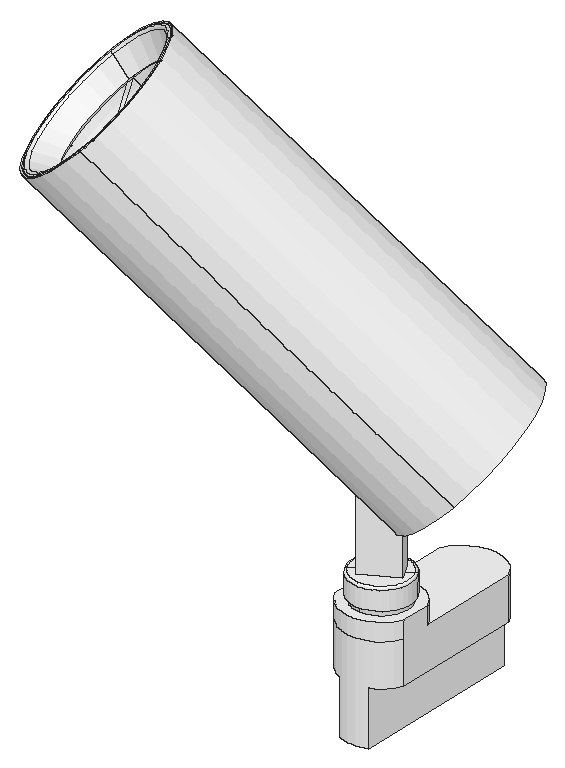
Revit family "0005442", category Lighting Fixtures, host Face, Revit 2017 (continued)
Definition of nested family "START Track Spot Integral Head"
  Types (3, lengths in mm): name | Photometric Web File | built-in parameter 1150142
    0005442 - 36 degree | "0005442_36.ies" | "IESNA:LM-63-2002\r\n[TEST] 202000173-1\r\n[TESTLAB] \r\n[TESTDATE] 6 Jun 2020\r\n[ISSUEDATE] 6 Jun 2020\r\n[MANUFAC] Sylvania\r\n[LUMCAT] 202000173-1\r\n[LUMINAIRE] FT1080-W-3000£¨36¡ã£©\r\n[FLASHAREA] 0.000985\r\n[LAMPCAT] 202000173-1\r\n[LAMP] LED 32W - 30.89 W\r\nTILT=NONE\r\n1 2726.60 1.0 181 4 1 2 -0.072 -0.072 0.000\r\n1.00 1.00 30.89\r\n0.00 1.00 2.00 3.00 4.00 5.00 6.00 7.00 8.00 9.00 10.00 \r\n11.00 12.00 13.00 14.00 15.00 16.00 17.00 18.00 19.00 \r\n20.00 21.00 22.00 23.00 24.00 25.00 26.00 27.00 28.00 \r\n29.00 30.00 31.00 32.00 33.00 34.00 35.00 36.00 37.00 \r\n38.00 39.00 40.00 41.00 42.00 43.00 44.00 45.00 46.00 \r\n47.00 48.00 49.00 50.00 51.00 52.00 53.00 54.00 55.00 \r\n56.00 57.00 58.00 59.00 60.00 61.00 62.00 63.00 64.00 \r\n65.00 66.00 67.00 68.00 69.00 70.00 71.00 72.00 73.00 \r\n74.00 75.00 76.00 77.00 78.00 79.00 80.00 81.00 82.00 \r\n83.00 84.00 85.00 86.00 87.00 88.00 89.00 90.00 91.00 \r\n92.00 93.00 94.00 95.00 96.00 97.00 98.00 99.00 100.00 \r\n101.00 102.00 103.00 104.00 105.00 106.00 107.00 108.00 \r\n109.00 110.00 111.00 112.00 113.00 114.00 115.00 116.00 \r\n117.00 118.00 119.00 120.00 121.00 122.00 123.00 124.00 \r\n125.00 126.00 127.00 128.00 129.00 130.00 131.00 132.00 \r\n133.00 134.00 135.00 136.00 137.00 138.00 139.00 140.00 \r\n141.00 142.00 143.00 144.00 145.00 146.00 147.00 148.00 \r\n149.00 150.00 151.00 152.00 153.00 154.00 155.00 156.00 \r\n157.00 158.00 159.00 160.00 161.00 162.00 163.00 164.00 \r\n165.00 166.00 167.00 168.00 169.00 170.00 171.00 172.00 \r\n173.00 174.00 175.00 176.00 177.00 178.00 179.00 180.00 \r\n0.00 30.00 60.00 90.00 \r\n6285.18 6344.29 6323.07 6277.53 6213.15 6117.19 5995.24 \r\n5841.28 5663.51 5468.25 5250.39 5008.24 4759.39 4491.69 \r\n4230.00 3955.79 3671.40 3389.79 3122.10 2850.88 2588.97 \r\n2350.39 2116.81 1886.55 1677.35 1490.62 1305.98 1146.14 \r\n1002.08 873.18 752.21 653.05 562.79 488.68 419.95 364.50 \r\n311.80 269.17 233.81 203.35 178.90 158.92 141.10 126.43 \r\n115.01 105.54 98.12 92.13 87.38 83.45 79.93 76.97 74.23 \r\n71.64 69.39 67.35 65.15 63.27 61.18 58.72 56.05 53.53 \r\n50.86 48.28 45.70 43.13 40.64 38.09 35.49 32.82 30.29 \r\n27.61 25.07 22.40 19.62 17.33 15.54 13.90 12.27 10.50 \r\n8.67 6.61 4.57 2.84 1.61 1.06 0.66 0.36 0.15 0.05 0.01 \r\n0.01 0.01 0.01 0.01 0.01 0.01 0.01 0.01 0.01 0.01 0.03 \r\n0.03 0.03 0.03 0.03 0.03 0.04 0.04 0.04 0.05 0.00 0.00 \r\n0.00 0.00 0.00 0.00 0.00 0.00 0.00 0.00 0.00 0.00 0.00 \r\n0.00 0.00 0.00 0.00 0.00 0.00 0.00 0.00 0.00 0.00 0.00 \r\n0.00 0.00 0.00 0.00 0.00 0.00 0.00 0.00 0.00 0.00 0.00 \r\n0.00 0.00 0.00 0.00 0.00 0.00 0.00 0.00 0.00 0.00 0.00 \r\n0.00 0.00 0.00 0.00 0.00 0.00 0.00 0.00 0.00 0.00 0.00 \r\n0.00 0.00 0.00 0.00 0.00 0.00 0.00 0.00 0.00 0.00 0.00 \r\n0.00 0.00 \r\n6285.18 6312.32 6287.33 6238.06 6171.80 6073.39 5950.45 \r\n5796.84 5617.00 5418.61 5194.82 4958.42 4707.30 4449.57 \r\n4180.87 3908.10 3639.37 3359.19 3094.36 2830.71 2575.56 \r\n2333.43 2097.78 1883.14 1671.10 1481.22 1309.47 1148.36 \r\n1005.98 873.46 762.20 656.65 567.61 489.70 421.13 362.12 \r\n309.07 266.58 230.71 199.08 174.10 152.53 135.58 121.52 \r\n109.78 100.96 94.13 88.55 84.29 80.84 78.00 75.52 73.11 \r\n70.90 68.82 66.66 64.78 62.52 60.36 58.05 55.48 52.84 \r\n50.16 47.65 45.07 42.52 40.04 37.50 35.00 32.48 29.94 \r\n27.45 24.81 22.19 19.71 17.52 15.58 13.91 12.33 10.60 \r\n8.80 6.80 4.92 3.14 1.91 1.09 0.66 0.38 0.19 0.08 0.03 \r\n0.02 0.02 0.02 0.02 0.02 0.02 0.02 0.03 0.02 0.03 0.03 \r\n0.03 0.03 0.03 0.03 0.03 0.03 0.04 0.04 0.04 0.00 0.00 \r\n0.00 0.00 0.00 0.00 0.00 0.00 0.00 0.00 0.00 0.00 0.00 \r\n0.00 0.00 0.00 0.00 0.00 0.00 0.00 0.00 0.00 0.00 0.00 \r\n0.00 0.00 0.00 0.00 0.00 0.00 0.00 0.00 0.00 0.00 0.00 \r\n0.00 0.00 0.00 0.00 0.00 0.00 0.00 0.00 0.00 0.00 0.00 \r\n0.00 0.00 0.00 0.00 0.00 0.00 0.00 0.00 0.00 0.00 0.00 \r\n0.00 0.00 0.00 0.00 0.00 0.00 0.00 0.00 0.00 0.00 0.00 \r\n0.00 0.00 \r\n6285.18 6279.75 6250.35 6202.89 6131.59 6031.09 5901.46 \r\n5747.18 5566.14 5362.20 5139.73 4902.54 4647.17 4393.92 \r\n4129.38 3855.83 3589.32 3315.00 3044.68 2785.79 2535.93 \r\n2296.00 2065.50 1846.31 1643.19 1451.55 1274.23 1118.20 \r\n975.40 848.31 733.84 630.29 542.19 465.67 396.77 339.83 \r\n290.48 247.42 212.70 184.22 159.51 140.82 124.91 112.24 \r\n102.50 94.69 88.64 83.85 80.24 77.40 74.89 72.76 70.82 \r\n68.85 66.97 65.23 63.65 61.73 59.85 57.62 55.11 52.67 \r\n50.14 47.60 45.08 42.59 40.08 37.60 35.05 32.51 29.97 \r\n27.38 24.79 22.11 19.62 17.36 15.38 13.75 12.09 10.34 \r\n8.54 6.57 4.72 3.00 1.88 1.06 0.65 0.37 0.18 0.08 0.03 \r\n0.02 0.01 0.01 0.01 0.01 0.02 0.02 0.02 0.02 0.02 0.03 \r\n0.03 0.03 0.03 0.03 0.03 0.04 0.04 0.04 0.05 0.00 0.00 \r\n0.00 0.00 0.00 0.00 0.00 0.00 0.00 0.00 0.00 0.00 0.00 \r\n0.00 0.00 0.00 0.00 0.00 0.00 0.00 0.00 0.00 0.00 0.00 \r\n0.00 0.00 0.00 0.00 0.00 0.00 0.00 0.00 0.00 0.00 0.00 \r\n0.00 0.00 0.00 0.00 0.00 0.00 0.00 0.00 0.00 0.00 0.00 \r\n0.00 0.00 0.00 0.00 0.00 0.00 0.00 0.00 0.00 0.00 0.00 \r\n0.00 0.00 0.00 0.00 0.00 0.00 0.00 0.00 0.00 0.00 0.00 \r\n0.00 0.00 \r\n6285.18 6266.31 6238.41 6188.23 6118.40 6014.89 5881.98 \r\n5724.17 5538.03 5334.89 5111.40 4874.87 4625.31 4368.97 \r\n4110.59 3837.56 3550.85 3283.97 3016.59 2752.95 2505.09 \r\n2264.55 2034.88 1819.21 1614.72 1415.43 1244.17 1089.86 \r\n950.76 823.52 707.65 606.26 519.09 444.20 380.18 326.94 \r\n277.55 237.13 204.69 178.99 155.10 137.83 123.70 111.57 \r\n101.04 93.90 88.21 83.15 79.61 76.86 74.54 72.21 70.08 \r\n68.19 66.51 64.80 63.07 61.54 59.73 57.53 55.10 52.61 \r\n50.15 47.73 45.28 42.83 40.38 37.87 35.31 32.69 30.05 \r\n27.39 24.70 21.97 19.15 16.84 15.13 13.54 11.99 10.31 \r\n8.55 6.58 4.54 2.83 1.50 0.96 0.59 0.33 0.15 0.05 0.01 \r\n0.01 0.01 0.01 0.01 0.01 0.01 0.01 0.01 0.01 0.01 0.02 \r\n0.02 0.02 0.02 0.03 0.03 0.03 0.04 0.04 0.05 0.00 0.00 \r\n0.00 0.00 0.00 0.00 0.00 0.00 0.00 0.00 0.00 0.00 0.00 \r\n0.00 0.00 0.00 0.00 0.00 0.00 0.00 0.00 0.00 0.00 0.00 \r\n0.00 0.00 0.00 0.00 0.00 0.00 0.00 0.00 0.00 0.00 0.00 \r\n0.00 0.00 0.00 0.00 0.00 0.00 0.00 0.00 0.00 0.00 0.00 \r\n0.00 0.00 0.00 0.00 0.00 0.00 0.00 0.00 0.00 0.00 0.00 \r\n0.00 0.00 0.00 0.00 0.00 0.00 0.00 0.00 0.00 0.00 0.00 \r\n0.00 0.00 \r\n"
    0005442 - 54 degree | "0005442_54.ies" | "IESNA:LM-63-2002\r\n[TEST] 202000173-1\r\n[TESTLAB] \r\n[TESTDATE] 6 Jun 2020\r\n[ISSUEDATE] 6 Jun 2020\r\n[MANUFAC] Sylvania\r\n[LUMCAT] 202000173-1\r\n[LUMINAIRE] FT1080-W-3000£¨54¡ã£©\r\n[FLASHAREA] 0.000985\r\n[LAMPCAT] 202000173-1\r\n[LAMP] LED 32W - 30.76 W\r\nTILT=NONE\r\n1 2837.90 1.0 181 4 1 2 -0.072 -0.072 0.000\r\n1.00 1.00 30.76\r\n0.00 1.00 2.00 3.00 4.00 5.00 6.00 7.00 8.00 9.00 10.00 \r\n11.00 12.00 13.00 14.00 15.00 16.00 17.00 18.00 19.00 \r\n20.00 21.00 22.00 23.00 24.00 25.00 26.00 27.00 28.00 \r\n29.00 30.00 31.00 32.00 33.00 34.00 35.00 36.00 37.00 \r\n38.00 39.00 40.00 41.00 42.00 43.00 44.00 45.00 46.00 \r\n47.00 48.00 49.00 50.00 51.00 52.00 53.00 54.00 55.00 \r\n56.00 57.00 58.00 59.00 60.00 61.00 62.00 63.00 64.00 \r\n65.00 66.00 67.00 68.00 69.00 70.00 71.00 72.00 73.00 \r\n74.00 75.00 76.00 77.00 78.00 79.00 80.00 81.00 82.00 \r\n83.00 84.00 85.00 86.00 87.00 88.00 89.00 90.00 91.00 \r\n92.00 93.00 94.00 95.00 96.00 97.00 98.00 99.00 100.00 \r\n101.00 102.00 103.00 104.00 105.00 106.00 107.00 108.00 \r\n109.00 110.00 111.00 112.00 113.00 114.00 115.00 116.00 \r\n117.00 118.00 119.00 120.00 121.00 122.00 123.00 124.00 \r\n125.00 126.00 127.00 128.00 129.00 130.00 131.00 132.00 \r\n133.00 134.00 135.00 136.00 137.00 138.00 139.00 140.00 \r\n141.00 142.00 143.00 144.00 145.00 146.00 147.00 148.00 \r\n149.00 150.00 151.00 152.00 153.00 154.00 155.00 156.00 \r\n157.00 158.00 159.00 160.00 161.00 162.00 163.00 164.00 \r\n165.00 166.00 167.00 168.00 169.00 170.00 171.00 172.00 \r\n173.00 174.00 175.00 176.00 177.00 178.00 179.00 180.00 \r\n0.00 30.00 60.00 90.00 \r\n3424.87 3400.90 3409.08 3414.36 3412.88 3409.36 3401.93 \r\n3390.44 3375.38 3351.78 3320.61 3281.94 3233.88 3182.93 \r\n3126.47 3065.61 3001.69 2928.48 2853.69 2765.69 2672.48 \r\n2574.63 2460.76 2334.53 2207.60 2071.70 1934.64 1796.64 \r\n1660.39 1518.09 1379.19 1237.68 1100.86 974.23 844.33 \r\n736.17 626.33 532.77 448.08 381.66 319.51 272.53 234.33 \r\n205.17 179.59 159.16 141.12 127.81 115.93 106.61 97.92 \r\n90.67 84.39 78.81 73.69 68.86 64.79 60.84 57.44 54.20 \r\n51.11 48.30 45.35 42.75 38.04 35.44 32.89 30.48 28.29 \r\n26.12 24.27 22.41 20.64 18.91 17.08 15.05 12.73 11.01 \r\n9.53 8.04 6.60 5.14 3.72 2.47 1.62 1.07 0.66 0.36 0.14 \r\n0.04 0.01 0.01 0.01 0.01 0.01 0.01 0.01 0.01 0.01 0.01 \r\n0.02 0.02 0.02 0.03 0.03 0.03 0.04 0.05 0.05 0.05 0.06 \r\n0.00 0.00 0.00 0.00 0.00 0.00 0.00 0.00 0.00 0.00 0.00 \r\n0.00 0.00 0.00 0.00 0.00 0.00 0.00 0.00 0.00 0.00 0.00 \r\n0.00 0.00 0.00 0.00 0.00 0.00 0.00 0.00 0.00 0.00 0.00 \r\n0.00 0.00 0.00 0.00 0.00 0.00 0.00 0.00 0.00 0.00 0.00 \r\n0.00 0.00 0.00 0.00 0.00 0.00 0.00 0.00 0.00 0.00 0.00 \r\n0.00 0.00 0.00 0.00 0.00 0.00 0.00 0.00 0.00 0.00 0.00 \r\n0.00 0.00 0.00 0.00 \r\n3424.87 3417.38 3416.81 3414.97 3413.03 3408.78 3403.46 \r\n3391.38 3372.47 3347.86 3317.13 3278.50 3232.49 3181.28 \r\n3127.55 3064.67 2999.36 2926.45 2849.46 2764.13 2670.02 \r\n2566.43 2451.14 2334.84 2204.70 2071.63 1937.47 1799.87 \r\n1662.70 1524.23 1387.61 1244.65 1111.42 980.97 854.20 \r\n740.61 632.89 542.53 459.49 388.39 328.04 280.96 240.66 \r\n208.56 182.68 161.70 143.73 129.37 117.35 107.63 98.77 \r\n91.29 84.71 78.92 74.00 69.40 65.31 61.45 57.92 54.61 \r\n51.40 48.44 45.01 41.64 38.38 35.18 32.72 30.28 28.09 \r\n26.01 24.07 22.21 20.42 18.62 16.63 14.71 12.77 10.96 \r\n9.40 7.95 6.56 5.11 3.82 2.63 1.75 1.13 0.69 0.39 0.18 \r\n0.07 0.03 0.02 0.02 0.02 0.02 0.02 0.02 0.02 0.02 0.02 \r\n0.03 0.03 0.03 0.03 0.03 0.03 0.03 0.04 0.04 0.05 0.05 \r\n0.00 0.00 0.00 0.00 0.00 0.00 0.00 0.00 0.00 0.00 0.00 \r\n0.00 0.00 0.00 0.00 0.00 0.00 0.00 0.00 0.00 0.00 0.00 \r\n0.00 0.00 0.00 0.00 0.00 0.00 0.00 0.00 0.00 0.00 0.00 \r\n0.00 0.00 0.00 0.00 0.00 0.00 0.00 0.00 0.00 0.00 0.00 \r\n0.00 0.00 0.00 0.00 0.00 0.00 0.00 0.00 0.00 0.00 0.00 \r\n0.00 0.00 0.00 0.00 0.00 0.00 0.00 0.00 0.00 0.00 0.00 \r\n0.00 0.00 0.00 0.00 \r\n3424.87 3423.16 3421.37 3419.92 3417.63 3413.79 3404.88 \r\n3391.57 3372.21 3345.77 3314.80 3276.67 3232.56 3181.61 \r\n3126.55 3064.77 2996.83 2922.22 2841.16 2754.97 2661.64 \r\n2560.04 2448.29 2329.78 2202.22 2070.79 1935.22 1800.36 \r\n1660.86 1522.71 1386.32 1246.32 1113.35 985.25 859.67 \r\n748.04 642.09 547.19 465.35 392.00 332.20 281.10 242.60 \r\n209.63 183.90 162.30 145.19 129.95 117.76 107.81 98.98 \r\n91.37 84.90 79.03 73.81 69.14 64.86 60.94 57.40 54.04 \r\n50.91 48.01 44.52 41.36 38.00 35.19 32.51 30.18 27.94 \r\n25.86 23.91 22.04 20.27 18.43 16.52 14.57 12.64 10.90 \r\n9.32 7.84 6.43 5.08 3.76 2.65 1.77 1.13 0.68 0.38 0.19 \r\n0.08 0.03 0.01 0.01 0.01 0.02 0.02 0.02 0.02 0.02 0.02 \r\n0.02 0.02 0.03 0.03 0.03 0.03 0.03 0.04 0.04 0.04 0.05 \r\n0.00 0.00 0.00 0.00 0.00 0.00 0.00 0.00 0.00 0.00 0.00 \r\n0.00 0.00 0.00 0.00 0.00 0.00 0.00 0.00 0.00 0.00 0.00 \r\n0.00 0.00 0.00 0.00 0.00 0.00 0.00 0.00 0.00 0.00 0.00 \r\n0.00 0.00 0.00 0.00 0.00 0.00 0.00 0.00 0.00 0.00 0.00 \r\n0.00 0.00 0.00 0.00 0.00 0.00 0.00 0.00 0.00 0.00 0.00 \r\n0.00 0.00 0.00 0.00 0.00 0.00 0.00 0.00 0.00 0.00 0.00 \r\n0.00 0.00 0.00 0.00 \r\n3424.87 3424.20 3422.85 3421.96 3419.16 3416.48 3408.72 \r\n3395.54 3378.69 3355.77 3323.54 3283.42 3237.00 3187.83 \r\n3131.02 3067.45 3000.55 2926.09 2844.72 2757.81 2664.04 \r\n2561.42 2450.70 2331.51 2203.44 2071.43 1936.53 1798.13 \r\n1658.49 1519.15 1379.52 1244.04 1110.01 979.28 854.03 \r\n741.07 637.39 543.93 463.50 393.83 333.60 286.23 243.17 \r\n211.22 185.41 162.84 145.51 130.53 118.51 107.89 99.07 \r\n91.35 84.68 78.74 73.43 68.70 64.40 60.47 56.86 53.50 \r\n50.41 47.43 43.82 40.97 38.25 34.67 32.19 29.79 27.60 \r\n25.56 23.59 21.76 20.02 18.23 16.32 14.36 12.53 10.73 \r\n9.22 7.82 6.43 5.00 3.72 2.55 1.68 1.05 0.63 0.35 0.17 \r\n0.07 0.01 0.00 0.01 0.01 0.01 0.01 0.01 0.02 0.02 0.02 \r\n0.02 0.02 0.03 0.03 0.03 0.04 0.04 0.04 0.04 0.05 0.00 \r\n0.00 0.00 0.00 0.00 0.00 0.00 0.00 0.00 0.00 0.00 0.00 \r\n0.00 0.00 0.00 0.00 0.00 0.00 0.00 0.00 0.00 0.00 0.00 \r\n0.00 0.00 0.00 0.00 0.00 0.00 0.00 0.00 0.00 0.00 0.00 \r\n0.00 0.00 0.00 0.00 0.00 0.00 0.00 0.00 0.00 0.00 0.00 \r\n0.00 0.00 0.00 0.00 0.00 0.00 0.00 0.00 0.00 0.00 0.00 \r\n0.00 0.00 0.00 0.00 0.00 0.00 0.00 0.00 0.00 0.00 0.00 \r\n0.00 0.00 0.00 0.00 \r\n"
  Reference planes
    plane 1 "Center (Front/Back)": y = 0
    plane 2: z = 0
    plane 3 "Center (Left/Right)": x = 0
    plane 4: x = 40
    plane 5: z = 16.8
    plane 6: z = -183.2
    plane 7: x = 39
    plane 8: x = 30.5
    plane 9: x = 16.5
    plane 10: z = -172.575
    plane 11: z = -151.95
    plane 12: z = -11.2
    plane 13: x = 38
    plane 14: x = 34.25
    plane 15: z = -170.575
    plane 16: z = -149.95
    plane 17: z = -1
    plane 18: x = 4.75
    plane 19: x = -4.75
    plane 20: y = -40
    plane 21: y = -21
    plane 22: x = 37
    plane 23: y = -30.5
  Forms (mm)
    Extrusion 1, solid
      sketch origin (4.2, 0, 0) x (1, 0, 0) y (0, 1, 0)
        loop
          line (-1219.2, 1219.2) -> (-1219.2, -1219.2) -> (1219.2, -1219.2) -> (1219.2, 1219.2) -> (-1219.2, 1219.2)
      from 0 to -68.017
    Revolve 2, solid, material <- "Material_1_SYL"
      sketch origin (0, 0, 0) x (1, 0, 0) y (0, 0, 1)
        loop
          line (40, -183.2) -> (40, 16.8) -> (39, 16.8) -> (39, -183.2) -> (40, -183.2)
        axis (0, 16.8) -> (0, -183.2)
      angle from 360 to 0
    Revolve 3, solid, material <- "Material_1_SYL"
      sketch origin (0, 0, 0) x (1, 0, 0) y (0, 0, 1)
        loop
          line (39, 16.8) -> (38, 16.8)
          arc (38, 16.8) -> (34.25, 15.673) -> (30.5, 16.8) r 6.804
          line (30.5, 16.8) -> (0, 16.8) -> (0, -11.2) -> (39, -11.2) -> (39, 16.8)
        axis (0, 16.8) -> (0, -11.2)
      angle from 360 to 0
    Revolve 4, solid, material <- "Material_2_SYL"
      sketch origin (0, 0, 0) x (1, 0, 0) y (0, 0, 1)
        loop
          line (39, -170.575) -> (0, -170.575) -> (0, -172.575) -> (39, -172.575) -> (39, -170.575)
        axis (0, -170.575) -> (0, -172.575)
      angle from 360 to 0
    Revolve 5, solid
      sketch origin (0, 0, 0) x (1, 0, 0) y (0, 0, 1)
        loop
          line (0, -151.95) -> (16.5, -151.95)
          arc (16.5, -151.95) -> (29.364, -157.461) -> (34.25, -170.575) r 17.771
          line (34.25, -170.575) -> (39, -170.575) -> (39, -149.95) -> (0, -149.95) -> (0, -151.95)
        axis (0, -149.95) -> (0, -170.575)
      angle from 360 to 0
    Extrusion 6, void
      sketch origin (1524, -40, 1219.2) x (-1, 0, 0) y (0, 0, 1)
        loop
          line (1528.75, -1230.4) -> (1528.75, -1202.4) -> (1519.25, -1202.4) -> (1519.25, -1230.4) -> (1528.75, -1230.4)
      from 0 to 19
    Revolve 7, solid, material <- "Material_1_SYL"
      sketch origin (0, 0, 0) x (1, 0, 0) y (0, 0, 1)
        loop
          line (30.5, -172.575) -> (36.506, -182.393)
          arc (36.506, -182.393) -> (37.019, -182.981) -> (37.767, -183.2) r 1.388
          line (37.767, -183.2) -> (39, -183.2) -> (39, -172.575) -> (30.5, -172.575)
        axis (0, -172.575) -> (0, -183.2)
      angle from 360 to 0
  Cuts and joins
    Extrusion 6 cuts Revolve 3
    Extrusion 6 cuts Revolve 2
  Lines and regions (mm)
    reference lines
      curve 1: arc (30.5, 0, 16.8) -> (34.25, 0, 15.673) -> (38, 0, 16.8) r 6.804
      curve 2: line (30.5, 0, -172.575) -> (37, 0, -183.2)
  Dimensions and locks
    "RadiusHead_SYL": plane 4 to plane 3 "Center (Left/Right)"
    "DistRotateAxisY_SYL": plane 5 to plane 2
    "Height_SYL": plane 5 to plane 6
    locked: plane 4 to plane 7 at 1
    "RadiusLensOut_SYL": plane 8 to plane 3 "Center (Left/Right)"
    "RadiusEmission_SYL": plane 9 to plane 3 "Center (Left/Right)"
    "DepthLens_SYL": plane 10 to plane 6
    "DepthEmission_SYL": plane 11 to plane 6
    locked: plane 5 to plane 12 at 28
    locked: plane 4 to plane 13 at 2
    equal spacing: plane 13, plane 14, plane 8
    locked: plane 5 to curve 1 at 1.127
    locked: plane 15 to plane 10 at 2
    locked: plane 16 to plane 11 at 2
    locked: plane 2 to plane 17 at 1
    equal spacing: plane 18, plane 3 "Center (Left/Right)", plane 19
    "WidthCutOut_SYL": plane 18 to plane 19
    "RadiusHead_SYL": plane 20 to plane 1 "Center (Front/Back)"
    "DepthCutOut_SYL": plane 20 to plane 21
    locked: plane 4 to plane 22 at 3
    equal spacing: plane 20, plane 23, plane 21
    aligned and locked: plane 2 to Extrusion 1
    aligned and locked: level to Extrusion 1
    aligned and locked: plane 8 to curve 1
    aligned and locked: plane 13 to curve 1
    aligned and locked: plane 14 to curve 1
    aligned and locked: plane 5 to curve 1
    aligned and locked: Revolve 2 sketch curve to plane 3 "Center (Left/Right)"
    aligned and locked: Revolve 2 sketch curve to plane 6
    aligned and locked: Revolve 2 sketch curve to plane 4
    aligned and locked: plane 5 to Revolve 2 sketch curve
    aligned and locked: plane 7 to Revolve 2 sketch curve
    aligned and locked: Revolve 3 sketch curve to plane 3 "Center (Left/Right)"
    aligned and locked: Revolve 3 sketch curve to Revolve 2  (x3)
    aligned and locked: Revolve 3 sketch curve to plane 12
    aligned and locked: plane 3 "Center (Left/Right)" to Revolve 3 sketch curve
    aligned and locked: Revolve 3 sketch curve to curve 1
    aligned and locked: plane 5 to Revolve 3 sketch curve
    aligned and locked: Revolve 4 sketch curve to plane 3 "Center (Left/Right)"  (x2)
    aligned and locked: Revolve 4 sketch curve to plane 15
    aligned and locked: plane 7 to Revolve 4 sketch curve
    aligned and locked: Revolve 5 sketch curve to plane 3 "Center (Left/Right)"  (x2)
    aligned and locked: plane 3 "Center (Left/Right)" to Revolve 5 sketch curve
    aligned and locked: plane 9 to Revolve 5 sketch curve
    aligned and locked: plane 11 to Revolve 5 sketch curve
    aligned and locked: plane 14 to Revolve 5 sketch curve
    aligned and locked: plane 15 to Revolve 5 sketch curve
    aligned and locked: plane 12 to Extrusion 6 sketch curve
    aligned and locked: Extrusion 6 sketch curve to plane 19
    aligned and locked: Extrusion 6 sketch curve to plane 5
    aligned and locked: plane 18 to Extrusion 6 sketch curve
    aligned and locked: Extrusion 6 to plane 21
    aligned and locked: plane 20 to Extrusion 6
    aligned and locked: plane 10 to curve 2
    aligned and locked: plane 22 to curve 2
    aligned and locked: Revolve 7 sketch curve to plane 3 "Center (Left/Right)"
    aligned and locked: plane 10 to Revolve 7 sketch curve
    aligned and locked: Revolve 7 sketch curve to Revolve 4
    aligned and locked: Revolve 7 sketch curve to curve 2
    aligned and locked: plane 3 "Center (Left/Right)" to imposter light
    aligned and locked: imposter light to plane 1 "Center (Front/Back)"
    aligned and locked: imposter light to plane 10
  Automatic sketch dimensions
    Extrusion 1 sketch curve to Extrusion 1 sketch curve = 2438.4 mm  (x2)
    plane 6 to Revolve 2 sketch curve = 487.1 mm
    Revolve 2 sketch curve to plane 5 = 2571.558 mm
    plane 6 to Revolve 3 sketch curve = 487.1 mm
    Revolve 3 sketch curve to Revolve 3 sketch curve = 2566.685 mm
    plane 6 to Revolve 4 sketch curve = 487.1 mm
    Revolve 4 sketch curve to plane 5 = 2571.558 mm
    Revolve 5 sketch curve to plane 11 = 2 mm
    plane 6 to Revolve 5 sketch curve = 487.1 mm
    Revolve 5 sketch curve to plane 5 = 2571.558 mm
    Revolve 5 sketch curve to plane 7 = 0 mm
    Revolve 4 sketch curve to plane 10 = 0 mm
    curve 2 to plane 8 = 0 mm
    curve 1 to plane 14 = 0 mm
    curve 2 to plane 6 = 0 mm
    curve 1 to plane 13 = 0 mm
    Revolve 7 sketch curve to plane 6 = 0 mm
    Revolve 7 sketch curve to plane 22 = 0.494 mm
    Revolve 7 sketch curve to plane 13 = 0.233 mm
    plane 6 to Revolve 7 sketch curve = 474.6 mm
    Revolve 7 sketch curve to plane 5 = 2584.058 mm
Types (3, lengths in mm): name | TypeHead_SYL
  0005442 PIXO MEDIUM 2800LM 930 NB MB WB WHT - 24 degree | START Track Spot Integral Head : 0005442 - 24 degree
  0005442 PIXO MEDIUM 2800LM 930 NB MB WB WHT - 36 degree | START Track Spot Integral Head : 0005442 - 36 degree
  0005442 PIXO MEDIUM 2800LM 930 NB MB WB WHT - 54 degree | START Track Spot Integral Head : 0005442 - 54 degree
